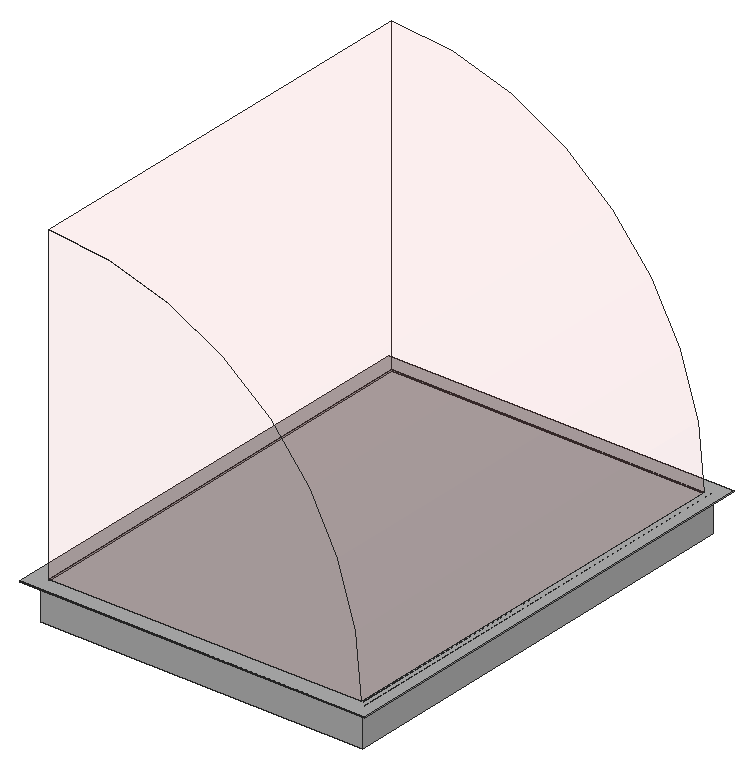
Revit family "Door_Access_Fire-Wall-Ceiling_Acudor_FW-5050", category Generic Models, host Face, Revit 2020
Family settings
  Host = Face
  Can host rebar = No
  Round Connector Dimension = Use Diameter
  Part Type = Normal
  Cut with Voids When Loaded = No
  Shared = No
  Room Calculation Point = No
Parameters
  Warranty Duration (Years) = 0
  Unit Width = 1' - 10"
  Unit Weight = 0
  Unit Height = 2' - 6"
  Unit Depth [instance] = if(and(Installed in Ceiling, Unit Width > 1' 6", Unit Height > 1' 6"), 0' 6 1/4", 0' 2 9/16")  # 0' - 2 9/16"
  URL = "http://www.acudor.com/"
  Test Data = ""
  Swing Clearance Visible [instance] = yes
  Standards Conformance = "as Specified"
  Specification = ""
  SpecWizard = ""
  Send Message = ""
  Sales Information = "http://www.acudor.com/contactus"
  Revision = "R1_2017-03"
  Product Properties = ""
  Product Data = "http://www.arcat.com/arcatcos/cos30/arc30126.html"
  Overall Width = 2' - 0"
  Overall Height = 2' - 8"
  Opening Width = Unit Width + 0' 0 3/8" + 0' 0 3/8"  # 1' - 10 3/4"
  Opening Height = Unit Height + 0' 0 3/8" + 0' 0 3/8"  # 2' - 6 3/4"
  Opening Depth [instance] = 0' - 9.1506"
  Mounting Height [instance] = 2' - 4 1/2"
  Model = "As Specified"
  Manufacturer Website = "http://www.acudor.com/"
  Manufacturer Phone - Toll Free = "800-722-0501"
  Manufacturer Phone = "973-575-5120"
  Manufacturer Fax = "973-575-5160"
  Manufacturer Address = "80 Little Falls Rd.  Fairfield, NJ 07004"
  Manufacturer = "Acudor Products Inc"
  Maintenance Schedule (Months) = 0
  Keynote = ""
  Installed in Ceiling [instance] = no
  Installation-Fabrication = ""
  Installation Phase = ""
  Green Building-LEED = "http://www.arcat.com/green/clients/leed_data_30126.html"
  Fixture Finish [instance] = Metal - Acudor - Stainless Satin
  Fire Performance = "as Specified"
  Expected Lifespan (Years) = 0
  Drawn By = "Sumex Design, Inc. / Robert S. Weygant, CSI, CDT, SCIP"
  Door Width = Unit Width - 0' 0 1/4"  # 1' - 9 3/4"
  Door Height = Unit Height - 0' 0 1/4"  # 2' - 5 3/4"
  Description = "Acudor Product as Specified"
  Default Elevation = 0' - 0"  # constant formula
  Copyright = "©Arcat Inc."
  Construction Details = ""
  Clearance Material [instance] = ARCAT Clearance
  Clear Opening Width = 1' - 9"
  Clear Opening Height = 1' - 9"
  Available Options [instance] = "Screw Latch as Specified [Phillips][Allen][Spanner]  ;  [Cylinder Lock][No Cylinder Lock]"
  Assembly Code = ""
Reference planes (in)
  plane 1 "Center (Front/Back)": y = 4.28343
  plane 2: z = 0
  plane 3 "Center (Left/Right)": x = 0
  plane 4: y = 19.28343
  plane 5: y = -10.71657
  plane 6: x = -11
  plane 7: x = 11
  plane 8: z = 0.0625
  plane 9: y = -39.21657
  plane 10: x = -10.875
  plane 11: x = 10.875
  plane 12: y = 19.15843
  plane 13: y = -10.59157
  plane 14: y = 20.28343
  plane 15: y = -11.71657
  plane 16: x = -12
  plane 17: x = 12
  plane 18: z = -2.5
  plane 19: x = -11.375
  plane 20: x = 11.375
  plane 21: y = 19.65843
  plane 22: y = -11.09157
  plane 23: z = -9.1506
Forms (in)
  Extrusion 1, void
    sketch origin (0, 0, 0) x (1, 0, 0) y (0, 1, 0)
      loop
        line (-11.375, 19.65843) -> (-11.375, -11.09157) -> (11.375, -11.09157) -> (11.375, 19.65843) -> (-11.375, 19.65843)
    from -9.1506 to 0.0625
  Extrusion 2, solid, material "Metal - Acudor - Stainless Satin" <- "Fixture Finish"
    sketch origin (0, 0, 0) x (1, 0, 0) y (0, 1, 0)
      loop
        line (-11.1875, 19.47093) -> (-11.1875, -10.90407) -> (11.1875, -10.90407) -> (11.1875, 19.47093) -> (-11.1875, 19.47093)
      loop
        line (-9.25, -8.96657) -> (9.125, -8.96657) -> (9.125, 17.53343) -> (-9.25, 17.53343) -> (-9.25, -8.96657)
    from -2.4375 to -2.5625
  Extrusion 3, solid, material "Metal - Acudor - Stainless Satin" <- "Fixture Finish"
    sketch origin (0, 0, 0) x (1, 0, 0) y (0, 1, 0)
      loop
        line (-12, 20.28343) -> (-12, -11.71657) -> (12, -11.71657) -> (12, 20.28343) -> (-12, 20.28343)
      loop
        line (-10.875, 19.15843) -> (-10.875, -10.59157) -> (10.875, -10.59157) -> (10.875, 19.15843) -> (-10.875, 19.15843)
    from 0 to 0.0625
  Extrusion 4, solid, material "Metal - Acudor - Stainless Satin" <- "Fixture Finish"
    sketch origin (-15.17702, -180, 0.0625) x (-1, 0, 0) y (0, -1, 0)
      loop
        line (-4.30202, -199.15843) -> (-4.30202, -169.40843) -> (-26.05202, -169.40843) -> (-26.05202, -199.15843) -> (-4.30202, -199.15843)
    from -0.0625 to -2
  Extrusion 5, solid, material "ARCAT Clearance" <- "Clearance Material", visible <- "Swing Clearance Visible"
    sketch origin (0, 4.28343, 0) x (1, 0, 0) y (0, 0, 1)
      loop
        line (-10.875, 0.0625) -> (10.875, 0.0625)
        arc (10.875, 0.0625) -> (4.50457, 15.44207) -> (-10.875, 21.8125) r 21.75
        line (-10.875, 21.8125) -> (-10.875, 0.0625)
    from -14.875 to 14.875
  Extrusion 6, solid, material "Metal - Acudor - Stainless Satin" <- "Fixture Finish"
    sketch origin (0, 0, 0) x (1, 0, 0) y (0, 1, 0)
      loop
        line (-11.1875, 19.47093) -> (-11.1875, -10.90407) -> (11.1875, -10.90407) -> (11.1875, 19.47093) -> (-11.1875, 19.47093)
      loop
        line (-10.875, 19.15843) -> (-10.875, -10.59157) -> (10.875, -10.59157) -> (10.875, 19.15843) -> (-10.875, 19.15843)
    from -2.4375 to 0.0625
  Extrusion 7, solid, material "Metal - Acudor - Stainless Satin" <- "Fixture Finish", visible <- "Installed in Ceiling"
    sketch origin (0, 4.28343, 0) x (1, 0, 0) y (0, 0, 1)
      loop
        line (-9.875, -1.9375) -> (-10.875, -1.9375) -> (-10.875, -2.5625) -> (-9.875, -2.5625) -> (-9.875, -1.9375)
    from -14.875 to 14.875
Cuts and joins
  joined: Extrusion 2, Extrusion 3, Extrusion 6
Lines and regions (in)
  model lines, style "GenericModelHiddenLines"
    curve 1: line (10.875, 19.15843, 0.0625) -> (-10.875, 4.28343, 0.0625)
    curve 2: line (-10.875, 4.28343, 0.0625) -> (10.875, -10.59157, 0.0625)
Dimensions and locks (in)
  locked: plane 8 to level at 0.0625
  equal spacing: plane 4, plane 1 "Center (Front/Back)", plane 5
  "Unit Height": plane 4 to plane 5
  equal spacing: plane 6, plane 3 "Center (Left/Right)", plane 7
  "Unit Width": plane 6 to plane 7
  "Mounting Height": plane 5 to plane 9
  equal spacing: plane 10, plane 3 "Center (Left/Right)", plane 11
  "Door Width": plane 10 to plane 11
  equal spacing: plane 12, plane 1 "Center (Front/Back)", plane 13
  "Door Height": plane 12 to plane 13
  equal spacing: plane 16, plane 3 "Center (Left/Right)", plane 17
  equal spacing: plane 14, plane 1 "Center (Front/Back)", plane 15
  "Overall Width": plane 16 to plane 17
  "Overall Height": plane 14 to plane 15
  "Unit Depth": plane 8 to plane 18
  equal spacing: plane 21, plane 1 "Center (Front/Back)", plane 22
  equal spacing: plane 19, plane 3 "Center (Left/Right)", plane 20
  "Opening Width": plane 19 to plane 20
  "Opening Height": plane 21 to plane 22
  "Opening Depth": level to plane 23
  locked: Extrusion 2 sketch curve to plane 6 at 0.1875
  locked: Extrusion 2 sketch curve to plane 4 at 0.1875
  locked: plane 7 to Extrusion 2 sketch curve at 0.1875
  locked: plane 5 to Extrusion 2 sketch curve at 0.1875
  locked: plane 6 to Extrusion 2 sketch curve at 1.75
  locked: plane 4 to Extrusion 2 sketch curve at 1.75
  locked: Extrusion 2 sketch curve to plane 11 at 1.75
  locked: Extrusion 2 sketch curve to plane 5 at 1.75
  locked: Extrusion 6 sketch curve to plane 4 at 0.1875
  locked: plane 7 to Extrusion 6 sketch curve at 0.1875
  locked: Extrusion 6 sketch curve to plane 6 at 0.1875
  locked: plane 5 to Extrusion 6 sketch curve at 0.1875
  "Unit Depth": level to Extrusion 7 sketch curve
  locked: level to Extrusion 7 sketch curve at 1.9375
  Extrusion 7 sketch curve to Extrusion 7 sketch curve to plane 6 = 0' - 1" locked, 0' - 0 1/8" locked
  "Door Width": radius of Extrusion 5 sketch curve
  locked: plane 8 to Extrusion 5 sketch curve (angle 90.00°)
  aligned and locked: host face to plane 2
  aligned and locked: host face to level
  aligned and locked: Extrusion 1 sketch curve to plane 21
  aligned and locked: plane 19 to Extrusion 1 sketch curve
  aligned and locked: plane 22 to Extrusion 1 sketch curve
  aligned and locked: Extrusion 1 sketch curve to plane 20
  aligned and locked: Extrusion 1 to plane 23
  aligned and locked: plane 8 to Extrusion 1
  aligned and locked: Extrusion 3 sketch curve to plane 14
  aligned and locked: plane 16 to Extrusion 3 sketch curve
  aligned and locked: plane 15 to Extrusion 3 sketch curve
  aligned and locked: Extrusion 3 sketch curve to plane 17
  aligned and locked: plane 8 to Extrusion 3
  aligned and locked: plane 10 to Extrusion 5 sketch curve
  aligned and locked: plane 8 to Extrusion 5 sketch curve
  aligned and locked: Extrusion 5 sketch curve to plane 8
  aligned and locked: plane 12 to Extrusion 5
  aligned and locked: Extrusion 5 to plane 13
  aligned and locked: Extrusion 6 sketch curve to cut or joined group of Extrusion 2, Extrusion 3, Extrusion 6  (x3)
  aligned and locked: Extrusion 6 sketch curve to Extrusion 5
  aligned and locked: Extrusion 7 to plane 13
  aligned and locked: plane 12 to Extrusion 7
Automatic sketch dimensions
  host sketch curve to host sketch curve = 12' - 11.75605"
  host sketch curve to host sketch curve = 12' - 7.74281"
  curve 2 to plane 11 = 0' - 0"
  curve 1 to plane 11 = 0' - 0"
  curve 2 to plane 10 = 0' - 0"
  plane 1 "Center (Front/Back)" to curve 1 = 0' - 0"
  curve 1 to plane 12 = 0' - 0"
  curve 2 to plane 13 = 0' - 0"
  Extrusion 3 sketch curve to plane 10 = 0' - 0"
  Extrusion 3 sketch curve to plane 11 = 0' - 0"
  Extrusion 3 sketch curve to plane 13 = 0' - 0"
  Extrusion 3 sketch curve to plane 12 = 0' - 0"
  Extrusion 4 sketch curve to plane 11 = 0' - 0"
  Extrusion 4 sketch curve to plane 10 = 0' - 0"
  Extrusion 4 sketch curve to plane 12 = 0' - 0"
  Extrusion 4 sketch curve to plane 13 = 0' - 0"
